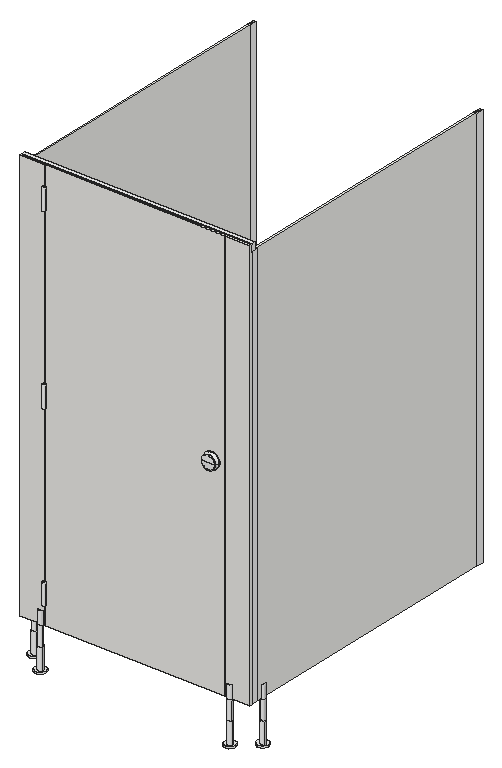
Revit family "Alsanit - Kabiny sanitarne PERSEI - HPL", category Doors, Revit 2020
Family settings
  Work Plane-Based = No
  Always vertical = Yes
  Cut with Voids When Loaded = No
  Shared = No
  Room Calculation Point = No
Parameters (values of type "10 mm")
  Width = 0.00 mm  # constant formula
  Type Comments = "Kabiny sanitarne (ścianki giszetowe do WC)"
  Thickness = Grubość ścianki  # 10.00 mm
  Szerokość drzwi (max. 1000 mm) [instance] = 800.00 mm
  Stopka nóżki = 50.00 mm  # constant formula
  Rough Width = 0.00 mm  # constant formula
  Rough Height = 0.00 mm  # constant formula
  Podcięcie na geberit - prawe [instance] = no
  Podcięcie na geberit - prawa wartość [instance] = if([Podcięcie na geberit - prawe], Szerokość wewnętrzna modułu / 2 + 50.00 mm, 5.00 mm)  # 5.00 mm
  Podcięcie na geberit - odsunięcie poziome wartość [instance] = if([Podcięcie na geberit - odsunięcie poziome] = 0.00 mm, 5.00 mm, [Podcięcie na geberit - odsunięcie poziome])  # 5.00 mm
  Podcięcie na geberit - odsunięcie poziome [instance] = 0.00 mm
  Podcięcie na geberit - odsunięcie pionowe wartość [instance] = if([Podcięcie na geberit - odsunięcie pionowe] = 0.00 mm, 5.00 mm, [Podcięcie na geberit - odsunięcie pionowe])  # 5.00 mm
  Podcięcie na geberit - odsunięcie pionowe [instance] = 0.00 mm
  Podcięcie na geberit - lewe [instance] = no
  Podcięcie na geberit - lewa wartość [instance] = if([Podcięcie na geberit - lewe], Szerokość wewnętrzna modułu / 2 + 50.00 mm, 5.00 mm)  # 5.00 mm
  Odsunięcie prawej ścianki od osi (min. 70 mm) [instance] = 102.00 mm
  Odsunięcie lewej ścianki od osi (min. 70 mm) [instance] = 102.00 mm
  Krótki opis = "Kabiny sanitarne ALSANIT posiadające oznaczenie CE zgodnie z parametrami systemu"
  Typ - kabina podwyższana [instance] = no
  Typ - kabina bez prześwitu [instance] = no
  Height = 0.00 mm  # constant formula
  Function = Interior
  Film Instruktażowy = "https://youtu.be/qyrI1CfgFO4"
  Define Thermal Properties by = Schematic Type
  Construction Type = "Kabiny sanitarne"
  Analytic Construction = "<None>"
  Akcesoria - wzmocnienie pionowe prawe [instance] = [Odsunięcie prawej ścianki od osi (min. 70 mm)] > 399.00 mm  # no
  Akcesoria - wzmocnienie pionowe lewe [instance] = (Szerokość wewnętrzna modułu - [Szerokość drzwi (max. 1000 mm)] - [Odsunięcie prawej ścianki od osi (min. 70 mm)]) > 400.00 mm  # no
  Wysokość ścianki łączącej [instance] = if([2030], 2000.00 mm, if(Prawa strona połączona, 2000.00 mm, [Wysokość modułu (2050 - 2600 mm)] - 10.00 mm))  # 2000.00 mm
  Szerokość zewnętrzna modułu [instance] = 1026.00 mm
  Szerokość wewnętrzna modułu [instance] = 1000.00 mm
  Szerokość obliczona [instance] = if(and(Lewa strona przy ścianie, Prawa strona przy ścianie), Szerokość wewnętrzna modułu - 2 * (Grubość ścianki + 7.00 mm), if(or(Lewa strona przy ścianie, Prawa strona przy ścianie), Szerokość wewnętrzna modułu - Grubość ścianki - 7.00 mm, Szerokość wewnętrzna modułu))  # 1000.00 mm
  Odsunięcie ścianki lewej [instance] = if([2600], 10.00 mm, 30.00 mm)  # 30.00 mm
  Odsunięcie górne ścianek frontowych [instance] = if(Belka usztywniająca wzmocniona, 20.00 mm, if([2600], 10.00 mm, 0.00 mm))  # 0.00 mm
  Wysokość szczeliny drzwi [instance] = if([0], 30.00 mm, 188.00 mm)  # 188.00 mm
  Odsunięcie profili w ściance łączącej [instance] = if([2030], 0.00 mm, if(Prawa strona połączona, 0.00 mm, 20.00 mm))  # 0.00 mm
  Wysokość modułu (2050 - 2600 mm) [instance] = 2500.00 mm
  Wysokość modułu [instance] = if([2030], 2030.00 mm, if([Wysokość modułu (2050 - 2600 mm)] < 2050.00 mm, 2050.00 mm, if([Wysokość modułu (2050 - 2600 mm)] > 2600.00 mm, 2600.00 mm, [Wysokość modułu (2050 - 2600 mm)])))  # 2030.00 mm
  Wysokość dolnej szczeliny [instance] = if([0], 1.50 mm, 188.00 mm)  # 188.00 mm
  Wysokość belek frontowych bocznych [instance] = if([0], 0.00 mm, 188.00 mm)  # 188.00 mm
  URL = "https://www.alsanit.pl/"
  Typ 2600 prawa strona zamknięta [instance] = and([2600], Prawa strona zamknięta)  # no
  Typ 2600 lewa strona zamknięta [instance] = and([2600], Lewa strona zamknięta)  # no
  Typ 188 prawa strona nie przy ścianie [instance] = and([188], (Prawa strona zamknięta))  # yes
  Typ 188 lewa strona zamknięta [instance] = and([188], Lewa strona zamknięta)  # yes
  Typ 00 prawa strona nie przy ścianie [instance] = and([0], not(Prawa strona przy ścianie))  # no
  Typ 00 lewa strona zamknięta [instance] = and([0], Lewa strona zamknięta)  # no
  2600 [instance] = [Typ - kabina podwyższana]  # no
  2030 [instance] = not([Typ - kabina podwyższana])  # yes
  188 [instance] = not([Typ - kabina bez prześwitu])  # yes
  0 [instance] = [Typ - kabina bez prześwitu]  # no
  Rodzaj płyt = "HPL - Wysokociśnieniowy laminat kompaktowy"
  Prawe odsunięcie belki dolnej [instance] = if(Prawa strona przy ścianie, 30.00 mm, 0.00 mm)  # 0.00 mm
  Prawa strona niepołączona [instance] = not(Prawa strona połączona)  # yes
  Prawe odsunięcie belki wzmocnionej [instance] = if([2030], 0.00 mm, if(Prawa strona zamknięta, Prawe odsunięcie osi + Grubość ścianki / 2 + 1.50 mm, 0.00 mm))  # 0.00 mm
  Odsunięcie górne belek frontowych [instance] = if(Belka usztywniająca wzmocniona, 30.00 mm, if([2600], 30.00 mm, 0.00 mm))  # 0.00 mm
  Odsunięcie belek od dołu [instance] = if([0], 28.50 mm, 0.00 mm)  # 0.00 mm
  Lewe odsunięcie belki wzmocnionej [instance] = if([2030], 0.00 mm, if(Lewa strona zamknięta, Prawe odsunięcie osi + Grubość ścianki / 2 + 1.50 mm, 0.00 mm))  # 0.00 mm
  Model = "PERSEI"
  Manufacturer = "Alsanit"
  Lewe odsunięcie belki dolnej [instance] = if(Lewa strona przy ścianie, 30.00 mm, 0.00 mm)  # 0.00 mm
  Lewa strona niepołączona [instance] = not(Lewa strona połączona)  # yes
  Głębokość modułu (max. 1500 mm) [instance] = 1290.00 mm
  Głębokość modułu [instance] = if([Głębokość modułu (max. 1500 mm)] > 1500.00 mm, 1500.00 mm, [Głębokość modułu (max. 1500 mm)])  # 1290.00 mm
  Description = "Kabiny sanitarne to idealna kombinacja trwałości i estetyki w najnowszej cenie. Ze względu na estetyczność zastosowań jest najchętniej kupowanym systemem kabin sanitarnych w Polsce."
  Belka usztywniająca wzmocniona [instance] = and([2030], Szerokość wewnętrzna modułu > 1300.00 mm)  # no
  Belka usztywniająca [instance] = not(Belka usztywniająca wzmocniona)  # yes
  Autor = "www.archispace.pl"
  Orientacja - na zewnątrz [instance] = not([Orientacja - do wewnątrz])  # yes
  Orientacja - do wewnątrz [instance] = no
  Wysokość drzwi [instance] = if(Belka usztywniająca wzmocniona, 2000.00 mm, if([2600], 2015.00 mm, 2030.00 mm))  # 2030.00 mm
  Ścianka łącząca [instance] = not(Prawa strona przy ścianie)  # yes
  Szerokość drzwi [instance] = if([Szerokość drzwi (max. 1000 mm)] > 1000.00 mm, 1000.00 mm, [Szerokość drzwi (max. 1000 mm)])  # 800.00 mm
  Prawe odsunięcie osi [instance] = if(Prawa strona zamknięta, Grubość ścianki / 2 + 3.00 mm, if(Prawa strona przy ścianie, Grubość ścianki / 2 + 7.00 mm, 0.00 mm))  # 8.00 mm
  Prawa strona zamknięta typ = Rodzaj połączenia : Zamknięta
  Prawa strona zamknięta [instance] = [Połączenie - prawa strona] = Prawa strona zamknięta typ  # yes
  Prawa strona przy ścianie typ = Rodzaj połączenia : Przy ścianie
  Prawa strona przy ścianie [instance] = [Połączenie - prawa strona] = Prawa strona przy ścianie typ  # no
  Prawa strona połączona typ = Rodzaj połączenia : Połączona
  Prawa strona połączona [instance] = [Połączenie - prawa strona] = Prawa strona połączona typ  # no
  Prawe odsunięcie osi panelu [instance] = if(Prawa strona przy ścianie, 10.00 mm, 0.00 mm)  # 0.00 mm
  Połączenie - prawa strona [instance] = Rodzaj połączenia : Zamknięta
  Orientacja - odbij lustrzanie [instance] = no
  Materiał płyt = Alsanit - HPL - Biały 9016
  Materiał okuć = Alsanit - Aluminium
  Materiał wsporników = Alsanit - Aluminium
  Materiał belek = Alsanit - Aluminium
  Lewe odsunięcie osi panelu [instance] = if(Lewa strona przy ścianie, 10.00 mm, 0.00 mm)  # 0.00 mm
  Lewe odsunięcie osi [instance] = if(Lewa strona zamknięta, Grubość ścianki / 2 + 3.00 mm, if(Lewa strona przy ścianie, Grubość ścianki / 2 + 7.00 mm, 0.00 mm))  # 8.00 mm
  Lewa strona zamknięta typ = Rodzaj połączenia : Zamknięta
  Lewa strona zamknięta [instance] = [Połączenie - lewa strona] = Lewa strona zamknięta typ  # yes
  Lewa strona przy ścianie typ = Rodzaj połączenia : Przy ścianie
  Lewa strona przy ścianie [instance] = [Połączenie - lewa strona] = Lewa strona przy ścianie typ  # no
  Lewa strona połączona typ = Rodzaj połączenia : Połączona
  Lewa strona połączona [instance] = [Połączenie - lewa strona] = Lewa strona połączona typ  # no
  Połączenie - lewa strona [instance] = Rodzaj połączenia : Zamknięta
  Grubość ścianki = 10.00 mm
  Default Elevation = 0.00 mm
  Orientacja - bez odbicia [instance] = not([Orientacja - odbij lustrzanie])  # yes
Reference planes
  plane 1 "Center (Front/Back)": y = 0
  plane 2: z = 0
  plane 3 "Center (Left/Right)": x = 0
  plane 4: x = -500
  plane 5: x = 500
  plane 6: x = 505
  plane 7: x = 510
  plane 8: x = -505
  plane 9: x = -510
  plane 10: y = -1290
  plane 11: y = -1300
  plane 12: y = -10
  plane 13: y = -1284
  plane 14: y = -1295
  plane 15 "Lewa oś wstawienia": x = -513
  plane 16 "Prawa oś wstawienia": x = 513
  plane 17: y = -1224.5
  plane 18: x = 403
  plane 19: x = 400
  plane 20: x = -400
  plane 21: x = -403
  plane 22 "Prawe odsunięcie osi panelu": x = 513
  plane 23 "Lewe odsunięcie osi panelu": x = -513
  plane 24: x = 0
  plane 25: x = -423.5
  plane 26: x = 423.5
  plane 27: z = 188
  plane 28 "Wysokość modułu": z = 2030
  plane 29 "Odsunięcie górne ścianek frontowych": z = 2030
  plane 30: y = -1288.5
  plane 31: x = -513
  plane 32: x = 513
  plane 33: z = 100
  plane 34: z = 243.5
  plane 35: z = 2000
  plane 36: z = 188
  plane 37: x = -513
  plane 38: x = 513
  plane 39: z = 188
  plane 40: z = 2000
  plane 41: z = 2030
  plane 42: z = 2000
  plane 43: z = 2030
  plane 44: z = 2035
  plane 45: z = 2000
  plane 46: z = 2000
  plane 47: z = 2030
  plane 48: z = 2000
  plane 49: z = 2030
  plane 50: x = 593
  plane 51: x = -593
  plane 52: z = 2000
  plane 53: z = 2000
  plane 54: z = 2000
  plane 55: z = 2000
  plane 56: x = -5
  plane 57: x = 5
  plane 58: z = 5
  plane 59: y = -5
  plane 60: z = 5
  plane 61: y = -5
  plane 62: z = 5
Forms (mm)
  Sweep 1, solid, material "Alsanit - HPL - Biały 9016" <- "Materiał płyt", visible <- "Ścianka łącząca"
    path origin (0, 0, 0) x (1, 0, 0) y (0, 0, 1)
      loop
        line (505, 188) -> (505, 2000)
    profile origin (505, 0, 1094) x (-1, 0, 0) y (0, -1, 0)
      loop
        line (5, 10) -> (5, 1284) -> (-5, 1284) -> (-5, 10) -> (5, 10)
  Sweep 2, solid, material "Alsanit - HPL - Biały 9016" <- "Materiał płyt", visible <- "Lewa strona zamknięta"
    path origin (0, 0, 0) x (-1, 0, 0) y (0, 0, 1)
      loop
        line (505, 188) -> (505, 2000)
    profile origin (-505, 0, 1094) x (-1, 0, 0) y (0, -1, 0)
      loop
        line (-5, 10) -> (5, 10) -> (5, 1284) -> (-5, 1284) -> (-5, 10)
  Sweep 3, solid, material "Alsanit - Aluminium" <- "Materiał belek", visible <- "Ścianka łącząca", detail levels medium+fine
    path origin (0, 0, 0) x (1, 0, 0) y (0, 0, 1)
      loop
        line (505, 2000) -> (505, 188)
    profile "U-profile : U-profile" origin (505, 0, 1094) x (1, 0, 0) y (0, -1, 0)
      loop
        line (6.5, 0) -> (6.5, 30) -> (5, 30) -> (5, 1.5) -> (-5, 1.5) -> (-5, 30) -> (-6.5, 30) -> (-6.5, 0) -> (6.5, 0)
  Sweep 4, solid, material "Alsanit - Aluminium" <- "Materiał belek", visible <- "Lewa strona zamknięta", detail levels medium+fine
    path origin (0, 0, 0) x (-1, 0, 0) y (0, 0, 1)
      loop
        line (505, 2000) -> (505, 188)
    profile "U-profile : U-profile" origin (-505, 0, 1094) x (1, 0, 0) y (0, -1, 0)
      loop
        line (6.5, 0) -> (6.5, 30) -> (5, 30) -> (5, 1.5) -> (-5, 1.5) -> (-5, 30) -> (-6.5, 30) -> (-6.5, 0) -> (6.5, 0)
  Sweep 5, solid, material "Alsanit - Aluminium" <- "Materiał belek", visible <- "Lewa strona zamknięta", detail levels medium+fine
    path origin (673.537, -1290, 1200) x (1, 0, 0) y (0, 0, 1)
      loop
        line (-1178.537, 800) -> (-1178.537, -1012)
    profile "U-profile : U-profile" origin (-505, -1290, 1094) x (1, 0, 0) y (0, -1, 0)
      loop
        line (-6.5, 0) -> (-6.5, -30) -> (-5, -30) -> (-5, -1.5) -> (5, -1.5) -> (5, -30) -> (6.5, -30) -> (6.5, 0) -> (-6.5, 0)
  Sweep 6, solid, material "Alsanit - Aluminium" <- "Materiał belek", visible <- "Ścianka łącząca", detail levels medium+fine
    path origin (673.537, -1290, 1200) x (1, 0, 0) y (0, 0, 1)
      loop
        line (-168.537, 800) -> (-168.537, -1012)
    profile "U-profile : U-profile" origin (505, -1290, 1094) x (1, 0, 0) y (0, -1, 0)
      loop
        line (-6.5, 0) -> (-6.5, -30) -> (-5, -30) -> (-5, -1.5) -> (5, -1.5) -> (5, -30) -> (6.5, -30) -> (6.5, 0) -> (-6.5, 0)
  Extrusion 7, solid, material "Alsanit - HPL - Biały 9016" <- "Materiał płyt", detail levels medium+fine
    sketch origin (0, 0, 0) x (1, 0, 0) y (0, 1, 0)
      loop
        line (-513, -1290) -> (-513, -1300) -> (-403, -1300) -> (-403, -1290) -> (-513, -1290)
    from 188 to 2030
  Extrusion 8, solid, material "Alsanit - HPL - Biały 9016" <- "Materiał płyt", detail levels medium+fine
    sketch origin (0, 0, 0) x (-1, 0, 0) y (0, -1, 0)
      loop
        line (-513, 1290) -> (-403, 1290) -> (-403, 1300) -> (-513, 1300) -> (-513, 1290)
    from 188 to 2030
  Sweep 9, solid, material "Alsanit - Aluminium" <- "Materiał belek", visible <- "Lewa strona przy ścianie", detail levels medium+fine
    path origin (-771.956, -1295, 1200) x (-1, 0, 0) y (0, 0, 1)
      loop
        line (-258.956, -1012) -> (-258.956, 830)
    profile "U-profile : U-profile" origin (-513, -1295, 1109) x (1, 0, 0) y (0, 1, 0)
      loop
        line (0, -6.5) -> (30, -6.5) -> (30, -5) -> (1.5, -5) -> (1.5, 5) -> (30, 5) -> (30, 6.5) -> (0, 6.5) -> (0, -6.5)
  Sweep 10, solid, material "Alsanit - Aluminium" <- "Materiał belek", visible <- "Prawa strona przy ścianie", detail levels medium+fine
    path origin (771.956, -1295, 1200) x (1, 0, 0) y (0, 0, -1)
      loop
        line (-258.956, 1012) -> (-258.956, -830)
    profile "U-profile : U-profile" origin (513, -1295, 1109) x (1, 0, 0) y (0, 1, 0)
      loop
        line (0, 6.5) -> (-30, 6.5) -> (-30, 5) -> (-1.5, 5) -> (-1.5, -5) -> (-30, -5) -> (-30, -6.5) -> (0, -6.5) -> (0, 6.5)
  Sweep 11, solid, material "Alsanit - Aluminium" <- "Materiał belek", visible <- "Belka usztywniająca", detail levels medium+fine
    path origin (673.537, -1290, 1200) x (1, 0, 0) y (0, 0, 1)
      loop
        line (-1186.537, 830) -> (-160.537, 830)
    profile origin (0, -1290, 2030) x (0, 0, 1) y (0, -1, 0)
      loop
        line (0, 0) -> (-30, 0) -> (-30, -18) -> (0, -18) -> (0, 0)
  Extrusion 12, solid, material "Alsanit - HPL - Biały 9016" <- "Materiał płyt", detail levels coarse
    sketch origin (0, 0, 0) x (1, 0, 0) y (0, 1, 0)
      loop
        line (-513, -1290) -> (-513, -1300) -> (513, -1300) -> (513, -1290) -> (-513, -1290)
    from 188 to 2030
  Sweep 13, solid, material "Alsanit - Aluminium" <- "Materiał belek", visible <- "Typ 2600 lewa strona zamknięta", detail levels medium+fine
    path origin (-998.294, -1524, 2030) x (-1, 0, 0) y (0, -1, 0)
      loop
        line (-493.294, -1524) -> (-493.294, -235.5)
    profile "U-profile : U-profile" origin (-505, -644.25, 2030) x (1, 0, 0) y (0, 0, 1)
      loop
        line (-6.5, 0) -> (-6.5, -30) -> (-5, -30) -> (-5, -1.5) -> (5, -1.5) -> (5, -30) -> (6.5, -30) -> (6.5, 0) -> (-6.5, 0)
  Sweep 14, solid, material "Alsanit - Aluminium" <- "Materiał belek", visible <- "Typ 2600 prawa strona zamknięta", detail levels medium+fine
    path origin (-998.294, -1524, 2030) x (-1, 0, 0) y (0, -1, 0)
      loop
        line (-1503.294, -1524) -> (-1503.294, -235.5)
    profile "U-profile : U-profile" origin (505, -644.25, 2030) x (1, 0, 0) y (0, 0, 1)
      loop
        line (-6.5, 0) -> (-6.5, -30) -> (-5, -30) -> (-5, -1.5) -> (5, -1.5) -> (5, -30) -> (6.5, -30) -> (6.5, 0) -> (-6.5, 0)
  Sweep 15, solid, material "Alsanit - Aluminium" <- "Materiał belek", not visible, detail levels medium+fine
    path origin (-771.956, -1295, 4200) x (-1, 0, 0) y (0, 0, 1)
      loop
        line (-258.956, -2170) -> (-1284.956, -2170)
    profile "U-profile : U-profile" origin (0, -1295, 2030) x (0, 0, -1) y (0, 1, 0)
      loop
        line (0, -6.5) -> (30, -6.5) -> (30, -5) -> (1.5, -5) -> (1.5, 5) -> (30, 5) -> (30, 6.5) -> (0, 6.5) -> (0, -6.5)
  Sweep 16, solid, material "Alsanit - Aluminium" <- "Materiał belek", visible <- "2600", detail levels medium+fine
    path origin (-771.956, -1295, 1200) x (-1, 0, 0) y (0, 0, 1)
      loop
        line (-258.956, 830) -> (-1284.956, 830)
    profile "U-profile : U-profile" origin (0, -1295, 2030) x (0, 0, -1) y (0, 1, 0)
      loop
        line (0, -6.5) -> (30, -6.5) -> (30, -5) -> (1.5, -5) -> (1.5, 5) -> (30, 5) -> (30, 6.5) -> (0, 6.5) -> (0, -6.5)
  Sweep 17, solid, material "Alsanit - Aluminium" <- "Materiał wsporników", visible <- "Typ 188 prawa strona nie przy ścianie"
    path origin (516, -1224.5, 1200) x (1, 0, 0) y (0, 0, 1)
      loop
        line (-516, -1200) -> (-516, -1100)
    profile origin (0, -1224.5, 50) x (-1, 0, 0) y (0, -1, 0)
      loop
        circle (-510, 0) r 11
  Sweep 18, solid, material "Alsanit - Aluminium" <- "Materiał wsporników", visible <- "Typ 188 lewa strona zamknięta"
    path origin (362, -1224.5, 1200) x (1, 0, 0) y (0, 0, 1)
      loop
        line (-314, -1200) -> (-314, -1100)
    profile origin (48, -1224.5, 50) x (-1, 0, 0) y (0, -1, 0)
      loop
        circle (558, 0) r 11
  Sweep 19, solid, material "Alsanit - Aluminium" <- "Materiał wsporników", visible <- "Typ 188 prawa strona nie przy ścianie"
    path origin (516, -1224.5, 1200) x (1, 0, 0) y (0, 0, 1)
      loop
        line (-516, -956.5) -> (-516, -1012)
    profile origin (0, -1224.5, 215.75) x (0, -1, 0) y (1, 0, 0)
      loop
        line (-10, 510) -> (10, 510)
        arc (10, 510) -> (0, 520) -> (-10, 510) r 10
  Sweep 20, solid, material "Alsanit - Aluminium" <- "Materiał wsporników", visible <- "Typ 188 lewa strona zamknięta"
    path origin (362, -1224.5, 1200) x (1, 0, 0) y (0, 0, 1)
      loop
        line (-314, -1012) -> (-314, -956.5)
    profile origin (48, -1224.5, 215.75) x (-1, 0, 0) y (0, -1, 0)
      loop
        line (558, 10) -> (558, -10)
        arc (558, -10) -> (568, 0) -> (558, 10) r 10
  Sweep 21, solid, material "Alsanit - Aluminium" <- "Materiał wsporników", visible <- "Typ 188 prawa strona nie przy ścianie"
    path origin (516, -1224.5, 1200) x (1, 0, 0) y (0, 0, 1)
      loop
        line (-516, -1012) -> (-516, -1100)
    profile origin (0, -1224.5, 144) x (0, -1, 0) y (1, 0, 0)
      loop
        circle (0, 510) r 10
  Sweep 22, solid, material "Alsanit - Aluminium" <- "Materiał wsporników", visible <- "Typ 188 lewa strona zamknięta"
    path origin (362, -1224.5, 1200) x (1, 0, 0) y (0, 0, 1)
      loop
        line (-314, -1100) -> (-314, -1012)
    profile origin (48, -1224.5, 144) x (-1, 0, 0) y (0, -1, 0)
      loop
        circle (558, 0) r 10
  Sweep 23, solid, material "Alsanit - Aluminium" <- "Materiał wsporników", visible <- "188"
    path origin (-817.898, -1300, 1200) x (-1, 0, 0) y (0, 0, 1)
      loop
        line (-394.398, -1200) -> (-394.398, -1100)
    profile origin (-423.5, -1300, 50) x (1, 0, 0) y (0, 1, 0)
      loop
        circle (0, 0) r 11
  Sweep 24, solid, material "Alsanit - Aluminium" <- "Materiał wsporników", visible <- "188"
    path origin (-817.898, -1300, 1200) x (-1, 0, 0) y (0, 0, 1)
      loop
        line (-394.398, -1012) -> (-394.398, -956.5)
    profile origin (-423.5, -1300, 215.75) x (1, 0, 0) y (0, 1, 0)
      loop
        line (10, 0) -> (-10, 0)
        arc (-10, 0) -> (0, -10) -> (10, 0) r 10
  Sweep 25, solid, material "Alsanit - Aluminium" <- "Materiał wsporników", visible <- "188"
    path origin (-817.898, -1300, 1200) x (-1, 0, 0) y (0, 0, 1)
      loop
        line (-394.398, -1100) -> (-394.398, -1012)
    profile origin (-423.5, -1300, 144) x (1, 0, 0) y (0, 1, 0)
      loop
        circle (0, 0) r 10
  Sweep 26, solid, material "Alsanit - Aluminium" <- "Materiał wsporników", visible <- "188"
    path origin (-817.898, -1300, 1200) x (-1, 0, 0) y (0, 0, 1)
      loop
        line (-1241.398, -1200) -> (-1241.398, -1100)
    profile origin (423.5, -1300, 50) x (1, 0, 0) y (0, 1, 0)
      loop
        circle (0, 0) r 11
  Sweep 27, solid, material "Alsanit - Aluminium" <- "Materiał wsporników", visible <- "188"
    path origin (-817.898, -1300, 1200) x (-1, 0, 0) y (0, 0, 1)
      loop
        line (-1241.398, -1012) -> (-1241.398, -956.5)
    profile origin (423.5, -1300, 215.75) x (1, 0, 0) y (0, 1, 0)
      loop
        arc (-10, 0) -> (0, -10) -> (10, 0) r 10
        line (10, 0) -> (-10, 0)
  Sweep 28, solid, material "Alsanit - Aluminium" <- "Materiał wsporników", visible <- "188"
    path origin (-817.898, -1300, 1200) x (-1, 0, 0) y (0, 0, 1)
      loop
        line (-1241.398, -1100) -> (-1241.398, -1012)
    profile origin (423.5, -1300, 144) x (1, 0, 0) y (0, 1, 0)
      loop
        circle (0, 0) r 10
  Sweep 29, solid, material "Alsanit - Aluminium" <- "Materiał belek", visible <- "Typ 00 lewa strona zamknięta"
    path origin (0, 0, 0) x (1, 0, 0) y (0, 1, 0)
      loop
        line (-505, 0) -> (-505, -1290)
    profile "U-profile : U-profile" origin (-505, -645, 0) x (1, 0, 0) y (0, 0, 1)
      loop
        line (6.5, 0) -> (6.5, 30) -> (5, 30) -> (5, 1.5) -> (-5, 1.5) -> (-5, 30) -> (-6.5, 30) -> (-6.5, 0) -> (6.5, 0)
  Sweep 30, solid, material "Alsanit - Aluminium" <- "Materiał belek", visible <- "Typ 00 prawa strona nie przy ścianie"
    path origin (0, 0, 0) x (-1, 0, 0) y (0, -1, 0)
      loop
        line (-505, 0) -> (-505, 1290)
    profile "U-profile : U-profile" origin (505, -645, 0) x (1, 0, 0) y (0, 0, 1)
      loop
        line (-6.5, 0) -> (6.5, 0) -> (6.5, 30) -> (5, 30) -> (5, 1.5) -> (-5, 1.5) -> (-5, 30) -> (-6.5, 30) -> (-6.5, 0)
  Sweep 31, solid, material "Alsanit - Aluminium" <- "Materiał belek", visible <- "0"
    path origin (0, 0, 0) x (1, 0, 0) y (0, 1, 0)
      loop
        line (-513, -1295) -> (-403, -1295)
    profile "U-profile : U-profile" origin (-458, -1295, 0) x (0, 1, 0) y (0, 0, 1)
      loop
        line (6.5, 0) -> (6.5, 30) -> (5, 30) -> (5, 1.5) -> (-5, 1.5) -> (-5, 30) -> (-6.5, 30) -> (-6.5, 0) -> (6.5, 0)
  Sweep 32, solid, material "Alsanit - Aluminium" <- "Materiał belek", visible <- "0"
    path origin (0, 0, 0) x (-1, 0, 0) y (0, -1, 0)
      loop
        line (-513, 1295) -> (-403, 1295)
    profile "U-profile : U-profile" origin (458, -1295, 0) x (0, -1, 0) y (0, 0, 1)
      loop
        line (-6.5, 0) -> (6.5, 0) -> (6.5, 30) -> (5, 30) -> (5, 1.5) -> (-5, 1.5) -> (-5, 30) -> (-6.5, 30) -> (-6.5, 0)
  Sweep 33, solid, material "Alsanit - HPL - Biały 9016" <- "Materiał płyt", visible <- "2600"
    path origin (-771.956, -1295, 1200) x (-1, 0, 0) y (0, 0, 1)
      loop
        line (-771.956, 830) -> (-771.956, 835)
    profile origin (0, -1295, 2032.5) x (1, 0, 0) y (0, 1, 0)
      loop
        line (400, -5) -> (400, 5) -> (-400, 5) -> (-400, -5) -> (400, -5)
  Sweep 34, solid, material "Alsanit - HPL - Biały 9016" <- "Materiał płyt", visible <- "Akcesoria - wzmocnienie pionowe prawe", detail levels medium+fine
    path origin (-771.956, -1295, 1200) x (-1, 0, 0) y (0, 0, 1)
      loop
        line (-1364.956, -1012) -> (-1364.956, 800)
    profile origin (593, -1295, 1094) x (1, 0, 0) y (0, 1, 0)
      loop
        line (-5, 11) -> (5, 11) -> (5, 106) -> (-5, 106) -> (-5, 11)
  Sweep 35, solid, material "Alsanit - Aluminium" <- "Materiał belek", visible <- "Akcesoria - wzmocnienie pionowe prawe", detail levels medium+fine
    path origin (673.537, -1290, 1200) x (1, 0, 0) y (0, 0, 1)
      loop
        line (-80.537, -1012) -> (-80.537, 800)
    profile "U-profile : U-profile" origin (593, -1290, 1094) x (-1, 0, 0) y (0, -1, 0)
      loop
        line (-6.5, 0) -> (-6.5, -30) -> (-5, -30) -> (-5, -1.5) -> (5, -1.5) -> (5, -30) -> (6.5, -30) -> (6.5, 0) -> (-6.5, 0)
  Sweep 36, solid, material "Alsanit - HPL - Biały 9016" <- "Materiał płyt", visible <- "Akcesoria - wzmocnienie pionowe lewe", detail levels medium+fine
    path origin (1162.956, -1295, 1200) x (1, 0, 0) y (0, 0, -1)
      loop
        line (-1755.956, 1012) -> (-1755.956, -800)
    profile origin (-593, -1295, 1094) x (1, 0, 0) y (0, 1, 0)
      loop
        line (5, 11) -> (5, 106) -> (-5, 106) -> (-5, 11) -> (5, 11)
  Sweep 37, solid, material "Alsanit - Aluminium" <- "Materiał belek", visible <- "Akcesoria - wzmocnienie pionowe lewe", detail levels medium+fine
    path origin (673.537, -1290, 1200) x (1, 0, 0) y (0, 0, 1)
      loop
        line (-1266.537, -1012) -> (-1266.537, 800)
    profile "U-profile : U-profile" origin (-593, -1290, 1094) x (-1, 0, 0) y (0, -1, 0)
      loop
        line (6.5, 0) -> (-6.5, 0) -> (-6.5, -30) -> (-5, -30) -> (-5, -1.5) -> (5, -1.5) -> (5, -30) -> (6.5, -30) -> (6.5, 0)
  Sweep 38, solid, material "Alsanit - Aluminium" <- "Materiał belek", visible <- "Belka usztywniająca wzmocniona"
    path origin (0, -160, 0) x (1, 0, 0) y (0, 1, 0)
      loop
        line (-513, -1135) -> (513, -1135)
    profile origin (0, -1295, 0) x (0, 1, 0) y (0, 0, 1)
      loop
        line (-5, 2000) -> (-5, 2010.006) -> (5, 2010.006) -> (5, 2000) -> (14.963, 2000)
        arc (14.963, 2000) -> (16.154, 2000.393) -> (16.876, 2001.416) r 2
        arc (16.876, 2001.416) -> (19.052, 2016.003) -> (16.878, 2030.59) r 50
        arc (16.878, 2030.59) -> (16.156, 2031.614) -> (14.965, 2032.006) r 2
        line (14.965, 2032.006) -> (14.002, 2032.006) -> (14.002, 2030.606) -> (15.303, 2030.606)
        arc (15.303, 2030.606) -> (17.251, 2021.408) -> (17.387, 2012.006) r 48.5
        line (17.387, 2012.006) -> (-14.028, 2012.006) -> (-14.028, 2032.006) -> (-31.863, 2032.006)
        arc (-31.863, 2032.006) -> (-33.054, 2031.614) -> (-33.776, 2030.589) r 2
        arc (-33.776, 2030.589) -> (-35.948, 2016.003) -> (-33.774, 2001.417) r 50.057
        arc (-33.774, 2001.417) -> (-33.052, 2000.393) -> (-31.861, 2000) r 2
        line (-31.861, 2000) -> (-5, 2000)
  Sweep 39, solid, material "Alsanit - Aluminium" <- "Materiał wsporników", visible <- "Akcesoria - wzmocnienie pionowe lewe", detail levels medium+fine
    path origin (281, -1224.5, 1200) x (1, 0, 0) y (0, 0, 1)
      loop
        line (-312, -1200) -> (-312, -1100)
    profile origin (-31, -1224.5, 50) x (-1, 0, 0) y (0, -1, 0)
      loop
        circle (562, 0) r 11
  Sweep 40, solid, material "Alsanit - Aluminium" <- "Materiał wsporników", visible <- "Akcesoria - wzmocnienie pionowe lewe", detail levels medium+fine
    path origin (281, -1224.5, 1200) x (1, 0, 0) y (0, 0, 1)
      loop
        line (-312, -1100) -> (-312, -1012)
    profile origin (-31, -1224.5, 144) x (-1, 0, 0) y (0, -1, 0)
      loop
        circle (562, 0) r 10
  Sweep 41, solid, material "Alsanit - Aluminium" <- "Materiał wsporników", visible <- "Akcesoria - wzmocnienie pionowe prawe", detail levels medium+fine
    path origin (601, -1224.5, 1200) x (1, 0, 0) y (0, 0, 1)
      loop
        line (-518, -1200) -> (-518, -1100)
    profile origin (83, -1224.5, 50) x (-1, 0, 0) y (0, -1, 0)
      loop
        circle (-510, 0) r 11
  Sweep 42, solid, material "Alsanit - Aluminium" <- "Materiał wsporników", visible <- "Akcesoria - wzmocnienie pionowe prawe", detail levels medium+fine
    path origin (601, -1224.5, 1200) x (1, 0, 0) y (0, 0, 1)
      loop
        line (-518, -1012) -> (-518, -1100)
    profile origin (83, -1224.5, 144) x (0, -1, 0) y (1, 0, 0)
      loop
        circle (0, 510) r 10
  Sweep 43, void
    path origin (0, 0, 0) x (1, 0, 0) y (0, 1, 0)
      loop
        line (0, 0) -> (-5, 0)
    profile origin (-2.5, 0, 0) x (0, -1, 0) y (0, 0, 1)
      loop
        line (0, 5) -> (0, 0) -> (5, 0) -> (5, 5) -> (0, 5)
  Sweep 44, void
    path origin (5, 0, 0) x (1, 0, 0) y (0, 1, 0)
      loop
        line (0, 0) -> (-5, 0)
    profile origin (2.5, 0, 0) x (0, -1, 0) y (0, 0, 1)
      loop
        line (0, 5) -> (0, 0) -> (5, 0) -> (5, 5) -> (0, 5)
  Sweep 45, solid, material "Alsanit - Aluminium" <- "Materiał wsporników", visible <- "Akcesoria - wzmocnienie pionowe lewe"
    path origin (-771.956, -1295, 1200) x (-1, 0, 0) y (0, 0, 1)
      loop
        line (-178.956, -1200) -> (-178.956, -1195)
    profile origin (-593, -1295, 2.5) x (1, 0, 0) y (0, 1, 0)
      loop
        circle (0, 70.5) r 25
  Sweep 46, solid, material "Alsanit - Aluminium" <- "Materiał wsporników", visible <- "Typ 188 lewa strona zamknięta"
    path origin (-771.956, -1295, 1200) x (-1, 0, 0) y (0, 0, 1)
      loop
        line (-261.956, -1200) -> (-261.956, -1195)
    profile origin (-510, -1295, 2.5) x (1, 0, 0) y (0, 1, 0)
      loop
        circle (0, 70.5) r 25
  Sweep 47, solid, material "Alsanit - Aluminium" <- "Materiał wsporników", visible <- "188"
    path origin (-771.956, -1295, 1200) x (-1, 0, 0) y (0, 0, 1)
      loop
        line (-348.456, -1200) -> (-348.456, -1195)
    profile origin (-423.5, -1295, 2.5) x (1, 0, 0) y (0, 1, 0)
      loop
        circle (0, -5) r 25
  Sweep 48, solid, material "Alsanit - Aluminium" <- "Materiał wsporników", visible <- "188"
    path origin (-771.956, -1295, 1200) x (-1, 0, 0) y (0, 0, 1)
      loop
        line (-1195.456, -1200) -> (-1195.456, -1195)
    profile origin (423.5, -1295, 2.5) x (1, 0, 0) y (0, 1, 0)
      loop
        circle (0, -5) r 25
  Sweep 49, solid, material "Alsanit - Aluminium" <- "Materiał wsporników", visible <- "Typ 188 prawa strona nie przy ścianie"
    path origin (-771.956, -1295, 1200) x (-1, 0, 0) y (0, 0, 1)
      loop
        line (-1281.956, -1200) -> (-1281.956, -1195)
    profile origin (510, -1295, 2.5) x (1, 0, 0) y (0, 1, 0)
      loop
        circle (0, 70.5) r 25
  Sweep 50, solid, material "Alsanit - Aluminium" <- "Materiał wsporników", visible <- "Akcesoria - wzmocnienie pionowe prawe"
    path origin (-771.956, -1295, 1200) x (-1, 0, 0) y (0, 0, 1)
      loop
        line (-1364.956, -1200) -> (-1364.956, -1195)
    profile origin (593, -1295, 2.5) x (1, 0, 0) y (0, 1, 0)
      loop
        circle (0, 70.5) r 25
Cuts and joins
  joined: Sweep 27, Sweep 28
  joined: Sweep 19, Sweep 21
  joined: Sweep 20, Sweep 22
  joined: Sweep 24, Sweep 25
  Sweep 43 cuts Sweep 4
  Sweep 43 cuts Sweep 2
  Sweep 43 cuts Sweep 29
  Sweep 44 cuts Sweep 1
  Sweep 44 cuts Sweep 3
  Sweep 44 cuts Sweep 30
Lines and regions (mm)
  model lines, style "Doors", detail levels medium+fine
    curve 1: line (403, -1300, 2030) -> (403, -1300, 188)
    curve 3: line (513, -1300, 2030) -> (403, -1300, 2030)
    curve 6: line (-403, -1300, 188) -> (-403, -1300, 2030)
    curve 7: line (-403, -1300, 2030) -> (-513, -1300, 2030)
    curve 10: line (-403, -1290, 188) -> (-403, -1300, 188)
    curve 11: line (403, -1290, 188) -> (403, -1300, 188)
    curve 14: line (-403, -1290, 2030) -> (-403, -1300, 2030)
    curve 15: line (403, -1290, 2030) -> (403, -1300, 2030)
    curve 17: line (403, -1290, 2030) -> (403, -1290, 188)
    curve 19: line (513, -1290, 2030) -> (403, -1290, 2030)
    curve 20: line (403, -1290, 188) -> (513, -1290, 188)
    curve 22: line (-403, -1290, 188) -> (-403, -1290, 2030)
    curve 23: line (-403, -1290, 2030) -> (-513, -1290, 2030)
    curve 24: line (-513, -1290, 188) -> (-403, -1290, 188)
  model lines, style "Doors", visible <- "Prawa strona niepołączona", detail levels medium+fine
    curve 2: line (513, -1300, 188) -> (513, -1300, 2030)
    curve 12: line (513, -1290, 188) -> (513, -1300, 188)
    curve 16: line (513, -1290, 2030) -> (513, -1300, 2030)
    curve 18: line (513, -1290, 188) -> (513, -1290, 2030)
  model lines, style "Doors"
    curve 4: line (403, -1300, 188) -> (513, -1300, 188)
    curve 8: line (-513, -1300, 188) -> (-403, -1300, 188)
  model lines, style "Doors", visible <- "Lewa strona niepołączona", detail levels medium+fine
    curve 5: line (-513, -1300, 2030) -> (-513, -1300, 188)
    curve 9: line (-513, -1290, 188) -> (-513, -1300, 188)
    curve 13: line (-513, -1290, 2030) -> (-513, -1300, 2030)
    curve 21: line (-513, -1290, 2030) -> (-513, -1290, 188)
Dimensions and locks
  equal spacing: plane 5, plane 6, plane 7
  "Grubość ścianki": plane 5 to plane 7
  equal spacing: plane 9, plane 8, plane 4
  "Grubość ścianki": plane 9 to plane 4
  "Głębokość modułu": plane 10 to plane 1 "Center (Front/Back)"
  "Grubość ścianki": plane 11 to plane 10
  locked: plane 12 to plane 1 "Center (Front/Back)" at 10
  locked: plane 10 to plane 13 at 6
  equal spacing: plane 10, plane 14, plane 11
  equal spacing: plane 4, plane 3 "Center (Left/Right)", plane 5
  "Szerokość obliczona": plane 4 to plane 5
  "Lewe odsunięcie osi": plane 15 "Lewa oś wstawienia" to plane 8
  "Prawe odsunięcie osi": plane 6 to plane 16 "Prawa oś wstawienia"
  locked: plane 10 to plane 17 at 65.5
  locked: plane 19 to plane 18 at 3
  locked: plane 21 to plane 20 at 3
  "Szerokość drzwi": plane 20 to plane 19
  equal spacing: plane 20, plane 24, plane 19
  locked: plane 25 to plane 20 at 23.5
  locked: plane 19 to plane 26 at 23.5
  "Odsunięcie prawej ścianki od osi (min. 70 mm)": plane 18 to plane 6
  "Odsunięcie lewej ścianki od osi (min. 70 mm)": plane 8 to plane 21
  "Wysokość modułu": plane 28 "Wysokość modułu" to plane 2
  locked: plane 10 to plane 30 at 1.5
  "Wysokość dolnej szczeliny": plane 27 to level
  locked: plane 33 to plane 2 at 100
  "Lewe odsunięcie belki wzmocnionej": plane 15 "Lewa oś wstawienia" to plane 31
  "Prawe odsunięcie belki wzmocnionej": plane 32 to plane 16 "Prawa oś wstawienia"
  locked: plane 34 to plane 27 at 55.5
  locked: plane 28 "Wysokość modułu" to plane 35 at 30
  "Lewe odsunięcie osi panelu": plane 15 "Lewa oś wstawienia" to plane 23 "Lewe odsunięcie osi panelu"
  "Prawe odsunięcie osi panelu": plane 22 "Prawe odsunięcie osi panelu" to plane 16 "Prawa oś wstawienia"
  "Odsunięcie belek od dołu": plane 36 to plane 27
  "Lewe odsunięcie belki dolnej": plane 15 "Lewa oś wstawienia" to plane 37
  "Prawe odsunięcie belki dolnej": plane 38 to plane 16 "Prawa oś wstawienia"
  "Wysokość belek frontowych bocznych": plane 39 to plane 2
  "Wysokość ścianki łączącej": plane 40 to level
  "Odsunięcie górne belek frontowych": plane 28 "Wysokość modułu" to plane 41
  "Odsunięcie ścianki lewej": plane 28 "Wysokość modułu" to plane 42
  "Odsunięcie górne ścianek frontowych": plane 28 "Wysokość modułu" to plane 29 "Odsunięcie górne ścianek frontowych"
  "Wysokość drzwi": plane 43 to level
  locked: plane 44 to plane 43 at 5
  "Odsunięcie profili w ściance łączącej": plane 40 to plane 45
  "Odsunięcie profili w ściance łączącej": plane 40 to plane 46
  "Odsunięcie górne belek frontowych": plane 28 "Wysokość modułu" to plane 47
  locked: plane 48 to level at 2000
  locked: plane 49 to plane 48 at 30
  "Szerokość zewnętrzna modułu": plane 15 "Lewa oś wstawienia" to plane 16 "Prawa oś wstawienia"
  locked: plane 18 to plane 50 at 190
  locked: plane 51 to plane 21 at 190
  locked: plane 52 to plane 2 at 2000
  locked: plane 53 to level at 2000
  locked: plane 54 to level at 2000
  locked: plane 55 to level at 2000
  "Podcięcie na geberit - lewa wartość": plane 56 to plane 3 "Center (Left/Right)"
  "Podcięcie na geberit - prawa wartość": plane 3 "Center (Left/Right)" to plane 57
  "Podcięcie na geberit - odsunięcie poziome wartość": plane 1 "Center (Front/Back)" to plane 59
  "Podcięcie na geberit - odsunięcie pionowe wartość": plane 58 to level
  "Podcięcie na geberit - odsunięcie pionowe wartość": plane 60 to level
  "Podcięcie na geberit - odsunięcie poziome wartość": plane 1 "Center (Front/Back)" to plane 61
  locked: plane 62 to level at 5
  equal spacing: Sweep 45 sketch curve, plane 51, Sweep 45 sketch curve
  equal spacing: Sweep 45 sketch curve, plane 17, Sweep 45 sketch curve
  equal spacing: Sweep 46 sketch curve, plane 9, Sweep 46 sketch curve
  equal spacing: Sweep 46 sketch curve, plane 17, Sweep 46 sketch curve
  equal spacing: Sweep 47 sketch curve, plane 11, Sweep 47 sketch curve
  equal spacing: Sweep 47 sketch curve, plane 25, Sweep 47 sketch curve
  equal spacing: Sweep 48 sketch curve, plane 11, Sweep 48 sketch curve
  equal spacing: Sweep 48 sketch curve, plane 26, Sweep 48 sketch curve
  equal spacing: Sweep 49 sketch curve, plane 17, Sweep 49 sketch curve
  equal spacing: Sweep 49 sketch curve, plane 7, Sweep 49 sketch curve
  equal spacing: Sweep 50 sketch curve, plane 17, Sweep 50 sketch curve
  equal spacing: Sweep 50 sketch curve, plane 50, Sweep 50 sketch curve
  "Stopka nóżki": diameter of Sweep 45 sketch curve
  "Stopka nóżki": diameter of Sweep 46 sketch curve
  "Stopka nóżki": diameter of Sweep 47 sketch curve
  "Stopka nóżki": diameter of Sweep 48 sketch curve
  "Stopka nóżki": diameter of Sweep 49 sketch curve
  "Stopka nóżki": diameter of Sweep 50 sketch curve
  aligned and locked: level to plane 2
  aligned and locked: plane 5 to Sweep 1 sketch curve
  aligned and locked: Sweep 1 sketch curve to plane 7
  aligned and locked: Sweep 1 sketch curve to plane 13
  aligned and locked: plane 12 to Sweep 1 sketch curve
  aligned and locked: Sweep 2 sketch curve to plane 12
  aligned and locked: plane 9 to Sweep 2 sketch curve
  aligned and locked: plane 4 to Sweep 2 sketch curve
  aligned and locked: plane 13 to Sweep 2 sketch curve
  aligned and locked: plane 6 to Sweep 3 sketch curve
  aligned and locked: Sweep 4 sketch curve to plane 8
  aligned and locked: Sweep 1 sketch curve to plane 6
  aligned and locked: plane 8 to Sweep 2 sketch curve
  aligned and locked: Extrusion 7 sketch curve to plane 21
  aligned and locked: plane 11 to Extrusion 7 sketch curve
  aligned and locked: plane 10 to Extrusion 7 sketch curve
  aligned and locked: Extrusion 7 sketch curve to plane 23 "Lewe odsunięcie osi panelu"
  aligned and locked: Extrusion 8 sketch curve to plane 18
  aligned and locked: Extrusion 8 sketch curve to plane 11
  aligned and locked: Extrusion 8 sketch curve to plane 10
  aligned and locked: plane 22 "Prawe odsunięcie osi panelu" to Extrusion 8 sketch curve
  aligned and locked: plane 10 to nested 1
  aligned and locked: nested 2 to nested 1
  aligned and locked: nested 2 to plane 10
  aligned and locked: nested 1 to plane 24
  aligned and locked: nested 2 to level
  aligned and locked: level to nested 1
  aligned and locked: plane 10 to Extrusion 12 sketch curve
  aligned and locked: plane 11 to Extrusion 12 sketch curve
  aligned and locked: plane 15 "Lewa oś wstawienia" to Extrusion 12 sketch curve
  aligned and locked: Extrusion 12 sketch curve to plane 16 "Prawa oś wstawienia"
  aligned and locked: Extrusion 7 to plane 27
  aligned and locked: Extrusion 8 to plane 27
  aligned and locked: curve 1 to plane 18
  aligned and locked: plane 18 to curve 4
  aligned and locked: curve 4 to plane 27
  aligned and locked: plane 27 to curve 2
  aligned and locked: plane 22 "Prawe odsunięcie osi panelu" to curve 2
  aligned and locked: plane 22 "Prawe odsunięcie osi panelu" to curve 3
  aligned and locked: curve 8 to plane 27
  aligned and locked: plane 23 "Lewe odsunięcie osi panelu" to curve 5
  aligned and locked: plane 21 to curve 6
  aligned and locked: plane 11 to curve 9
  aligned and locked: plane 10 to curve 9
  aligned and locked: curve 10 to plane 21
  aligned and locked: plane 11 to curve 10
  aligned and locked: plane 10 to curve 10
  aligned and locked: curve 11 to plane 18
  aligned and locked: plane 10 to curve 11
  aligned and locked: plane 11 to curve 11
  aligned and locked: plane 10 to curve 12
  aligned and locked: plane 11 to curve 12
  aligned and locked: curve 12 to plane 22 "Prawe odsunięcie osi panelu"
  aligned and locked: plane 10 to curve 13
  aligned and locked: plane 11 to curve 13
  aligned and locked: plane 11 to curve 14
  aligned and locked: plane 10 to curve 14
  aligned and locked: curve 14 to plane 21
  aligned and locked: plane 11 to curve 15
  aligned and locked: plane 10 to curve 15
  aligned and locked: curve 15 to plane 18
  aligned and locked: plane 10 to curve 16
  aligned and locked: plane 11 to curve 16
  aligned and locked: curve 16 to plane 22 "Prawe odsunięcie osi panelu"
  aligned and locked: plane 23 "Lewe odsunięcie osi panelu" to curve 13
  aligned and locked: plane 23 "Lewe odsunięcie osi panelu" to curve 9
  aligned and locked: Extrusion 12 to plane 28 "Wysokość modułu"
  aligned and locked: plane 16 "Prawa oś wstawienia" to Sweep 10 sketch curve
  aligned and locked: plane 15 "Lewa oś wstawienia" to Sweep 9 sketch curve
  aligned and locked: plane 6 to Sweep 6 sketch curve
  aligned and locked: Extrusion 7 to plane 29 "Odsunięcie górne ścianek frontowych"
  aligned and locked: Extrusion 8 to plane 29 "Odsunięcie górne ścianek frontowych"
  aligned and locked: curve 23 to plane 29 "Odsunięcie górne ścianek frontowych"
  aligned and locked: curve 7 to plane 29 "Odsunięcie górne ścianek frontowych"
  aligned and locked: curve 3 to plane 29 "Odsunięcie górne ścianek frontowych"
  aligned and locked: curve 19 to plane 29 "Odsunięcie górne ścianek frontowych"
  aligned and locked: plane 27 to Sweep 1 sketch curve
  aligned and locked: plane 27 to Sweep 2 sketch curve
  aligned and locked: plane 1 "Center (Front/Back)" to Sweep 13 sketch curve
  aligned and locked: Sweep 13 sketch curve to plane 8
  aligned and locked: plane 6 to Sweep 14 sketch curve
  aligned and locked: plane 1 "Center (Front/Back)" to Sweep 14 sketch curve
  aligned and locked: Sweep 15 sketch curve to plane 28 "Wysokość modułu"
  aligned and locked: plane 15 "Lewa oś wstawienia" to Sweep 15 sketch curve
  aligned and locked: plane 16 "Prawa oś wstawienia" to Sweep 15 sketch curve
  aligned and locked: plane 30 to Sweep 13 sketch curve
  aligned and locked: plane 30 to Sweep 14 sketch curve
  aligned and locked: Extrusion 12 to plane 27
  aligned and locked: Sweep 16 sketch curve to plane 28 "Wysokość modułu"
  aligned and locked: plane 16 "Prawa oś wstawienia" to Sweep 16 sketch curve
  aligned and locked: plane 15 "Lewa oś wstawienia" to Sweep 16 sketch curve
  aligned and locked: plane 23 "Lewe odsunięcie osi panelu" to curve 21
  aligned and locked: plane 22 "Prawe odsunięcie osi panelu" to curve 18
  aligned and locked: plane 31 to Sweep 11 sketch curve
  aligned and locked: plane 32 to Sweep 11 sketch curve
  aligned and locked: profile plane to Sweep 26 sketch curve  (x2)
  aligned and locked: profile plane to Sweep 27 sketch curve
  aligned and locked: plane 9 to Sweep 18 sketch curve
  aligned and locked: plane 9 to Sweep 22 sketch curve
  aligned and locked: plane 9 to Sweep 20 sketch curve
  aligned and locked: plane 7 to Sweep 19 sketch curve
  aligned and locked: plane 7 to Sweep 21 sketch curve
  aligned and locked: plane 7 to Sweep 17 sketch curve
  aligned and locked: Sweep 5 sketch curve to plane 35
  aligned and locked: Sweep 4 sketch curve to plane 35
  aligned and locked: plane 1 "Center (Front/Back)" to Sweep 29 sketch curve
  aligned and locked: plane 10 to Sweep 29 sketch curve
  aligned and locked: Sweep 29 sketch curve to plane 8
  aligned and locked: plane 1 "Center (Front/Back)" to Sweep 30 sketch curve
  aligned and locked: plane 10 to Sweep 30 sketch curve
  aligned and locked: plane 6 to Sweep 30 sketch curve
  aligned and locked: plane 36 to Sweep 5 sketch curve
  aligned and locked: plane 36 to Sweep 4 sketch curve
  aligned and locked: plane 36 to Sweep 3 sketch curve
  aligned and locked: plane 36 to Sweep 6 sketch curve
  aligned and locked: plane 21 to Sweep 31 sketch curve
  aligned and locked: Sweep 31 sketch curve to plane 14
  aligned and locked: Sweep 31 sketch curve to plane 37
  aligned and locked: plane 18 to Sweep 32 sketch curve
  aligned and locked: plane 14 to Sweep 32 sketch curve
  aligned and locked: plane 38 to Sweep 32 sketch curve
  aligned and locked: plane 39 to Sweep 9 sketch curve
  aligned and locked: Sweep 10 sketch curve to plane 39
  aligned and locked: plane 40 to Sweep 1 sketch curve
  aligned and locked: plane 41 to Sweep 9 sketch curve
  aligned and locked: plane 42 to Sweep 2 sketch curve
  aligned and locked: plane 24 to Sweep 33 sketch curve
  aligned and locked: plane 44 to Sweep 33 sketch curve
  aligned and locked: Sweep 33 sketch curve to plane 29 "Odsunięcie górne ścianek frontowych"
  aligned and locked: plane 45 to Sweep 6 sketch curve
  aligned and locked: plane 46 to Sweep 3 sketch curve
  aligned and locked: plane 47 to Sweep 10 sketch curve
  aligned and locked: Sweep 11 sketch curve to plane 48
  aligned and locked: Sweep 11 sketch curve to plane 49
  aligned and locked: Sweep 34 sketch curve to plane 50
  aligned and locked: plane 51 to Sweep 36 sketch curve
  aligned and locked: plane 51 to Sweep 37 sketch curve
  aligned and locked: plane 16 "Prawa oś wstawienia" to Sweep 38 sketch curve
  aligned and locked: plane 15 "Lewa oś wstawienia" to Sweep 38 sketch curve
  aligned and locked: Sweep 38 sketch curve to plane 14
  aligned and locked: plane 52 to Sweep 37 sketch curve
  aligned and locked: plane 53 to Sweep 36 sketch curve
  aligned and locked: plane 55 to Sweep 34 sketch curve
  aligned and locked: plane 51 to Sweep 39 sketch curve
  aligned and locked: plane 17 to Sweep 39 sketch curve
  aligned and locked: plane 17 to Sweep 40 sketch curve
  aligned and locked: plane 51 to Sweep 40 sketch curve
  aligned and locked: plane 17 to Sweep 41 sketch curve
  aligned and locked: plane 50 to Sweep 41 sketch curve
  aligned and locked: plane 50 to Sweep 42 sketch curve
  aligned and locked: plane 17 to Sweep 42 sketch curve
  aligned and locked: plane 56 to Sweep 43 sketch curve
  aligned and locked: plane 3 "Center (Left/Right)" to Sweep 43 sketch curve
  aligned and locked: Sweep 43 sketch curve to plane 1 "Center (Front/Back)"
  aligned and locked: Sweep 43 sketch curve to plane 58
  aligned and locked: Sweep 43 sketch curve to plane 59
  aligned and locked: level to Sweep 43 sketch curve
  aligned and locked: plane 1 "Center (Front/Back)" to Sweep 43 sketch curve
  aligned and locked: Sweep 44 sketch curve to plane 60
  aligned and locked: Sweep 44 sketch curve to plane 61
  aligned and locked: plane 3 "Center (Left/Right)" to Sweep 44 sketch curve
  aligned and locked: plane 57 to Sweep 44 sketch curve
  aligned and locked: Sweep 44 sketch curve to plane 1 "Center (Front/Back)"
  aligned and locked: plane 1 "Center (Front/Back)" to Sweep 44 sketch curve
  aligned and locked: level to Sweep 44 sketch curve
  aligned and locked: plane 62 to Sweep 45 sketch curve
  aligned and locked: level to Sweep 45 sketch curve
  aligned and locked: plane 51 to Sweep 45 sketch curve
  aligned and locked: level to Sweep 46 sketch curve
  aligned and locked: plane 62 to Sweep 46 sketch curve
  aligned and locked: Sweep 46 sketch curve to plane 9
  aligned and locked: plane 62 to Sweep 47 sketch curve
  aligned and locked: level to Sweep 47 sketch curve
  aligned and locked: plane 25 to Sweep 47 sketch curve
  aligned and locked: plane 62 to Sweep 48 sketch curve
  aligned and locked: level to Sweep 48 sketch curve
  aligned and locked: plane 26 to Sweep 48 sketch curve
  aligned and locked: plane 7 to Sweep 49 sketch curve
  aligned and locked: plane 62 to Sweep 49 sketch curve
  aligned and locked: level to Sweep 49 sketch curve
  aligned and locked: plane 62 to Sweep 50 sketch curve
  aligned and locked: level to Sweep 50 sketch curve
  aligned and locked: Sweep 50 sketch curve to plane 50
Automatic sketch dimensions
  curve 22 to plane 21 = 0.00 mm
  curve 20 to plane 18 = 0.00 mm
  curve 24 to plane 27 = 0.00 mm
  curve 17 to plane 27 = 0.00 mm
  Sweep 5 sketch curve to plane 8 = 0.00 mm
  Sweep 11 sketch curve to plane 28 "Wysokość modułu" = 0.00 mm
  Sweep 11 sketch curve to plane 10 = 0.00 mm
  Sweep 11 sketch curve to Sweep 11 sketch curve = 18.00 mm
  Sweep 17 sketch curve to plane 3 "Center (Left/Right)" = 0.00 mm
  Sweep 17 sketch curve to level = 0.00 mm
  Sweep 17 sketch curve to plane 33 = 0.00 mm
  plane 17 to Sweep 17 sketch curve = 0.00 mm
  Sweep 18 sketch curve to plane 33 = 0.00 mm
  Sweep 18 sketch curve to level = 0.00 mm
  plane 57 to Sweep 18 sketch curve = 43.00 mm
  plane 17 to Sweep 18 sketch curve = 0.00 mm
  Sweep 19 sketch curve to plane 3 "Center (Left/Right)" = 0.00 mm
  Sweep 19 sketch curve to plane 27 = 0.00 mm
  Sweep 19 sketch curve to plane 34 = 0.00 mm
  plane 17 to Sweep 19 sketch curve = 0.00 mm
  Sweep 19 sketch curve to Sweep 19 sketch curve = 10.00 mm
  Sweep 20 sketch curve to plane 34 = 0.00 mm
  Sweep 20 sketch curve to plane 27 = 0.00 mm
  plane 57 to Sweep 20 sketch curve = 43.00 mm
  plane 17 to Sweep 20 sketch curve = 0.00 mm
  Sweep 20 sketch curve to plane 17 = 10.00 mm
  Sweep 21 sketch curve to plane 3 "Center (Left/Right)" = 0.00 mm
  Sweep 21 sketch curve to plane 33 = 0.00 mm
  Sweep 21 sketch curve to plane 27 = 0.00 mm
  plane 17 to Sweep 21 sketch curve = 0.00 mm
  Sweep 22 sketch curve to plane 27 = 0.00 mm
  Sweep 22 sketch curve to plane 33 = 0.00 mm
  plane 57 to Sweep 22 sketch curve = 43.00 mm
  plane 17 to Sweep 22 sketch curve = 0.00 mm
  Sweep 23 sketch curve to plane 25 = 0.00 mm
  Sweep 23 sketch curve to level = 0.00 mm
  Sweep 23 sketch curve to plane 33 = 0.00 mm
  Sweep 23 sketch curve to plane 11 = 0.00 mm
  Sweep 23 sketch curve to profile plane = 0.00 mm
  Sweep 24 sketch curve to plane 25 = 0.00 mm
  Sweep 24 sketch curve to plane 27 = 0.00 mm
  Sweep 24 sketch curve to plane 34 = 0.00 mm
  Sweep 24 sketch curve to plane 11 = 0.00 mm
  Sweep 24 sketch curve to profile plane = 0.00 mm
  Sweep 24 sketch curve to Sweep 24 sketch curve = 10.00 mm
  Sweep 25 sketch curve to plane 25 = 0.00 mm
  Sweep 25 sketch curve to plane 33 = 0.00 mm
  Sweep 25 sketch curve to plane 27 = 0.00 mm
  Sweep 25 sketch curve to plane 11 = 0.00 mm
  Sweep 25 sketch curve to profile plane = 0.00 mm
  Sweep 26 sketch curve to plane 26 = 0.00 mm
  Sweep 26 sketch curve to level = 0.00 mm
  Sweep 26 sketch curve to plane 33 = 0.00 mm
  Sweep 27 sketch curve to plane 26 = 0.00 mm
  Sweep 27 sketch curve to plane 27 = 0.00 mm
  Sweep 27 sketch curve to plane 34 = 0.00 mm
  Sweep 27 sketch curve to plane 11 = 0.00 mm
  Sweep 27 sketch curve to Sweep 27 sketch curve = 10.00 mm
  Sweep 28 sketch curve to plane 26 = 0.00 mm
  Sweep 28 sketch curve to plane 33 = 0.00 mm
  Sweep 28 sketch curve to plane 27 = 0.00 mm
  Sweep 28 sketch curve to plane 11 = 0.00 mm
  Sweep 28 sketch curve to profile plane = 0.00 mm
  Sweep 33 sketch curve to plane 14 = 5.00 mm
  profile plane to Sweep 33 sketch curve = 400.00 mm
  plane 14 to Sweep 33 sketch curve = 5.00 mm
  Sweep 33 sketch curve to profile plane = 400.00 mm
  Sweep 34 sketch curve to plane 27 = 0.00 mm
  profile plane to Sweep 34 sketch curve = 5.00 mm
  Sweep 34 sketch curve to profile plane = 5.00 mm
  plane 14 to Sweep 34 sketch curve = 11.00 mm
  Sweep 34 sketch curve to Sweep 34 sketch curve = 95.00 mm
  Sweep 35 sketch curve to plane 35 = 0.00 mm
  plane 50 to Sweep 35 sketch curve = 0.00 mm
  Sweep 35 sketch curve to plane 27 = 0.00 mm
  Sweep 36 sketch curve to plane 27 = 0.00 mm
  profile plane to Sweep 36 sketch curve = 5.00 mm
  Sweep 36 sketch curve to profile plane = 5.00 mm
  plane 14 to Sweep 36 sketch curve = 11.00 mm
  Sweep 36 sketch curve to Sweep 36 sketch curve = 95.00 mm
  Sweep 37 sketch curve to plane 27 = 0.00 mm
  Sweep 38 sketch curve to Sweep 38 sketch curve = 0.00 mm  (x5)
  profile plane to Sweep 38 sketch curve = 31.863 mm
  Sweep 38 sketch curve to Sweep 38 sketch curve = 0.002 mm
  Sweep 38 sketch curve to Sweep 38 sketch curve = 0.916 mm
  profile plane to Sweep 38 sketch curve = 14.028 mm
  profile plane to Sweep 38 sketch curve = 5.00 mm
  Sweep 38 sketch curve to profile plane = 5.00 mm
  Sweep 38 sketch curve to profile plane = 14.002 mm
  Sweep 38 sketch curve to Sweep 38 sketch curve = 9.11 mm
  Sweep 38 sketch curve to Sweep 38 sketch curve = 9.963 mm
  Sweep 38 sketch curve to Sweep 38 sketch curve = 0.963 mm
  Sweep 38 sketch curve to Sweep 38 sketch curve = 0.337 mm
  Sweep 38 sketch curve to Sweep 38 sketch curve = 3.278 mm
  plane 2 to Sweep 38 sketch curve = 2000.00 mm
  Sweep 38 sketch curve to Sweep 38 sketch curve = 2.00 mm  (x3)
  Sweep 38 sketch curve to Sweep 38 sketch curve = 10.006 mm  (x2)
  Sweep 38 sketch curve to Sweep 38 sketch curve = 14.006 mm
  Sweep 38 sketch curve to Sweep 38 sketch curve = 4.00 mm
  Sweep 38 sketch curve to Sweep 38 sketch curve = 14.00 mm
  Sweep 38 sketch curve to Sweep 38 sketch curve = 0.60 mm
  Sweep 38 sketch curve to Sweep 38 sketch curve = 1.40 mm
  Sweep 39 sketch curve to plane 33 = 0.00 mm
  Sweep 39 sketch curve to level = 0.00 mm
  Sweep 39 sketch curve to plane 56 = 26.00 mm
  Sweep 40 sketch curve to plane 27 = 0.00 mm
  Sweep 40 sketch curve to plane 33 = 0.00 mm
  Sweep 40 sketch curve to plane 56 = 26.00 mm
  Sweep 41 sketch curve to plane 33 = 0.00 mm
  Sweep 41 sketch curve to level = 0.00 mm
  plane 57 to Sweep 41 sketch curve = 78.00 mm
  Sweep 42 sketch curve to plane 33 = 0.00 mm
  Sweep 42 sketch curve to plane 27 = 0.00 mm
  plane 57 to Sweep 42 sketch curve = 78.00 mm
  radius of Sweep 17 sketch curve = 11.00 mm
  radius of Sweep 18 sketch curve = 11.00 mm
  radius of Sweep 21 sketch curve = 10.00 mm
  radius of Sweep 22 sketch curve = 10.00 mm
  radius of Sweep 23 sketch curve = 11.00 mm
  radius of Sweep 25 sketch curve = 10.00 mm
  radius of Sweep 26 sketch curve = 11.00 mm
  radius of Sweep 28 sketch curve = 10.00 mm
  radius of Sweep 39 sketch curve = 11.00 mm
  radius of Sweep 40 sketch curve = 10.00 mm
  radius of Sweep 41 sketch curve = 11.00 mm
  radius of Sweep 42 sketch curve = 10.00 mm
Nested families
  nested 1: "front" at (0, -1290, 0), visible <- "Orientacja - bez odbicia", Szerokość drzwi <- "Szerokość drzwi", Grubość ścianki <- "Grubość ścianki", Wysokość dolnej szczeliny <- "Wysokość szczeliny drzwi", type "front", detail levels medium+fine
    with Wysokość dolnej szczeliny 188.00 mm, Szerokość drzwi 800.00 mm, Grubość ścianki 10.00 mm
  nested 2: "front" at (0, -1290, 0) x (-1, 0, 0) z (0, 0, 1), visible <- "Orientacja - odbij lustrzanie", Szerokość drzwi <- "Szerokość drzwi", Grubość ścianki <- "Grubość ścianki", Wysokość dolnej szczeliny <- "Wysokość szczeliny drzwi", type "front", detail levels medium+fine
    with Wysokość dolnej szczeliny 188.00 mm, Szerokość drzwi 800.00 mm, Grubość ścianki 10.00 mm
Definition of nested family "front"
  Parameters (values of type "front")
    Wysokość drzwi = 2030.00 mm
    Wysokość dolnej szczeliny [instance] = 188.00 mm
    Szerokość drzwi [instance] = 900.00 mm
    Materiał płyt = none
    Materiał okuć = none
    Grubość ścianki [instance] = 12.00 mm
    Drzwi zewnętrzne = yes
    Drzwi wewnętrzne = no
    Default Elevation = 0.00 mm
  Reference planes
    plane 1 "Center (Front/Back)": y = 0
    plane 2: z = 0
    plane 3 "Center (Left/Right)": x = 0
    plane 4: y = -12
    plane 5: z = 188
    plane 6: z = 2030
    plane 7: x = 450
    plane 8: x = -450
    plane 9: x = 393
    plane 10: y = -19
    plane 11: z = 1110
    plane 12: y = 14
    plane 13: y = 9
    plane 14: z = 1110
    plane 15: x = 469.5
    plane 16: z = 1946.75
    plane 17: z = 1853.25
    plane 18: y = -912
    plane 19: y = 900
    plane 20: y = 36
    plane 21: y = 44
  Forms (mm)
    Sweep 1, solid, material <- "Materiał płyt"
      path origin (500, 0, 0) x (-1, 0, 0) y (0, 0, 1)
        loop
          line (500, 188) -> (500, 2030)
      profile origin (0, 0, 1109) x (-1, 0, 0) y (0, -1, 0)
        loop
          line (-450, 0) -> (450, 0) -> (450, 12) -> (-450, 12) -> (-450, 0)
    Revolve 2, solid, material <- "Materiał okuć", detail levels fine
      sketch origin (0, -10, 1110) x (1, 0, 0) y (0, 1, 0)
        loop
          line (393, -2) -> (393, -24)
          arc (393, -24) -> (407.797, -23.691) -> (422.509, -22.076) r 167.483
          arc (422.509, -22.076) -> (422.86, -21.881) -> (423, -21.504) r 0.58
          line (423, -21.504) -> (423, -20.71)
          arc (423, -20.71) -> (422.903, -20.141) -> (422.623, -19.637) r 1.715
          arc (422.623, -19.637) -> (420.961, -10.579) -> (427.619, -4.216) r 9.697
          arc (427.619, -4.216) -> (427.898, -3.922) -> (428, -3.53) r 0.81
          line (428, -3.53) -> (428, -2) -> (393, -2)
        axis (393, -2) -> (393, -24)
      angle from 0 to 360
